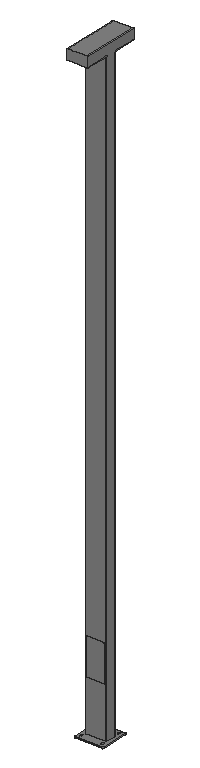
Revit family "Супремус В", category Осветительные приборы, Revit 2019 (continued)
Types (7, lengths in mm): name | Файл фотометрической сетки | built-in parameter 1150105 | Lumens | built-in parameter 1150106 | built-in parameter 1150142 | Wattage | L_общая рассеиватели | ADSK_Фактическая мощность | ADSK_Размер_Высота | ADSK_Номинальная мощность | ADSK_Наименование | ADSK_Масса_Текст | ADSK_Масса | ADSK_Артикул | 2
  ДТУ121с3 Светодиодный светильник Супремус-B ДТУ-121-AF-ДТУП1211(40Вт)-4,0 | "DTU-121-AF Supremus B 40W 60°x130°.ies" | 616.95 (stored number, unit not read) | 4400 lm | 6.1695 (stored number, unit not read) | "IESNA:LM-63-1995\r\n[TEST]\t\tALF\r\n[MANUFAC]\tALFRESCO\r\n[LUMCAT]\tDTU-121-AF\r\n[LUMINAIRE]\tDTU-121-AF Supremus B 40W 60°x130°\r\n[LAMP]\t\tOsram_Duris_S8\r\n[DATE]\t\t\r\n[OTHER]\t\t\r\nTILT=NONE\r\n1 3444.0 3.444 361 72 1 2 0.23 0.10 0.00\r\n1.0 1 28.0\r\n0.0 0.5 1.0 1.5 2.0 2.5 3.0 3.5 4.0 4.5 5.0 5.5 6.0 6.5 7.0 7.5 8.0 8.5 9.0 9.5 10.0 10.5 11.0 11.5 12.0 12.5 13.0 13.5 14.0 14.5\r\n 15.0 15.5 16.0 16.5 17.0 17.5 18.0 18.5 19.0 19.5 20.0 20.5 21.0 21.5 22.0 22.5 23.0 23.5 24.0 24.5 25.0 25.5 26.0 26.5 27.0 27.5\r\n 28.0 28.5 29.0 29.5 30.0 30.5 31.0 31.5 32.0 32.5 33.0 33.5 34.0 34.5 35.0 35.5 36.0 36.5 37.0 37.5 38.0 38.5 39.0 39.5 40.0 40.5\r\n 41.0 41.5 42.0 42.5 43.0 43.5 44.0 44.5 45.0 45.5 46.0 46.5 47.0 47.5 48.0 48.5 49.0 49.5 50.0 50.5 51.0 51.5 52.0 52.5 53.0 53.5\r\n 54.0 54.5 55.0 55.5 56.0 56.5 57.0 57.5 58.0 58.5 59.0 59.5 60.0 60.5 61.0 61.5 62.0 62.5 63.0 63.5 64.0 64.5 65.0 65.5 66.0 66.5\r\n 67.0 67.5 68.0 68.5 69.0 69.5 70.0 70.5 71.0 71.5 72.0 72.5 73.0 73.5 74.0 74.5 75.0 75.5 76.0 76.5 77.0 77.5 78.0 78.5 79.0 79.5\r\n 80.0 80.5 81.0 81.5 82.0 82.5 83.0 83.5 84.0 84.5 85.0 85.5 86.0 86.5 87.0 87.5 88.0 88.5 89.0 89.5 90.0 90.5 91.0 91.5 92.0 92.5\r\n 93.0 93.5 94.0 94.5 95.0 95.5 96.0 96.5 97.0 97.5 98.0 98.5 99.0 99.5 100.0 100.5 101.0 101.5 102.0 102.5 103.0 103.5 104.0 104.5\r\n 105.0 105.5 106.0 106.5 107.0 107.5 108.0 108.5 109.0 109.5 110.0 110.5 111.0 111.5 112.0 112.5 113.0 113.5 114.0 114.5 115.0\r\n 115.5 116.0 116.5 117.0 117.5 118.0 118.5 119.0 119.5 120.0 120.5 121.0 121.5 122.0 122.5 123.0 123.5 124.0 124.5 125.0 125.5\r\n 126.0 126.5 127.0 127.5 128.0 128.5 129.0 129.5 130.0 130.5 131.0 131.5 132.0 132.5 133.0 133.5 134.0 134.5 135.0 135.5 136.0\r\n 136.5 137.0 137.5 138.0 138.5 139.0 139.5 140.0 140.5 141.0 141.5 142.0 142.5 143.0 143.5 144.0 144.5 145.0 145.5 146.0 146.5\r\n 147.0 147.5 148.0 148.5 149.0 149.5 150.0 150.5 151.0 151.5 152.0 152.5 153.0 153.5 154.0 154.5 155.0 155.5 156.0 156.5 157.0\r\n 157.5 158.0 158.5 159.0 159.5 160.0 160.5 161.0 161.5 162.0 162.5 163.0 163.5 164.0 164.5 165.0 165.5 166.0 166.5 167.0 167.5\r\n 168.0 168.5 169.0 169.5 170.0 170.5 171.0 171.5 172.0 172.5 173.0 173.5 174.0 174.5 175.0 175.5 176.0 176.5 177.0 177.5 178.0\r\n 178.5 179.0 179.5 180.0\r\n0.0 5.0 10.0 15.0 20.0 25.0 30.0 35.0 40.0 45.0 50.0 55.0 60.0 65.0 70.0 75.0 80.0 85.0 90.0 95.0 100.0 105.0 110.0 115.0 120.0\r\n 125.0 130.0 135.0 140.0 145.0 150.0 155.0 160.0 165.0 170.0 175.0 180.0 185.0 190.0 195.0 200.0 205.0 210.0 215.0 220.0 225.0\r\n 230.0 235.0 240.0 245.0 250.0 255.0 260.0 265.0 270.0 275.0 280.0 285.0 290.0 295.0 300.0 305.0 310.0 315.0 320.0 325.0 330.0\r\n 335.0 340.0 345.0 350.0 355.0 360.0\r\n275.6 275.6 275.4 275.4 275.1 275.0 274.6 274.5 274.0 273.6 273.1 272.6 272.1 271.6 271.2 270.5 269.9 269.3 268.8 268.0 267.4\r\n 266.9 266.3 265.6 265.0 264.5 264.1 263.6 263.2 263.0 262.7 262.5 262.4 262.4 262.3 262.4 262.5 262.8 263.1 263.2 263.6 264.1\r\n 264.6 265.1 265.7 266.3 266.8 267.5 268.0 268.6 269.3 270.0 270.6 271.4 272.2 272.9 274.0 274.8 275.8 276.8 277.9 279.0 280.1\r\n 281.1 282.3 283.5 284.7 286.1 287.2 288.5 289.8 291.2 292.5 294.0 295.6 296.9 298.3 299.9 301.1 302.3 303.8 305.3 307.0 309.2\r\n 310.7 312.1 313.4 315.4 317.5 318.3 318.9 319.8 320.8 321.9 322.8 323.7 324.9 326.2 327.1 328.4 329.9 331.5 333.0 334.7 336.5\r\n 338.5 340.6 342.9 345.1 347.3 349.5 351.3 352.7 353.8 354.6 355.1 355.0 354.6 353.9 353.3 352.9 352.1 350.9 350.0 348.7 346.8\r\n 343.7 340.1 336.0 332.0 328.1 323.5 318.6 314.1 309.6 304.7 300.3 295.5 290.9 286.8 283.6 281.0 278.4 276.0 271.5 265.0 257.4\r\n 247.6 235.1 220.3 205.5 189.6 171.6 151.8 130.1 108.8 90.3 73.3 59.4 45.5 31.5 24.0 18.8 15.4 13.3 11.9 10.7 9.6 8.8 7.9 7.1 6.4\r\n 5.7 5.1 4.4 3.8 3.2 2.6 2.3 2.0 2.0 2.0 2.0 2.0 1.8 1.8 1.6 1.5 1.3 1.1 1.1 1.0 0.9 0.9 0.9 0.9 0.9 0.9 1.0 1.0 1.0 0.0 0.0 0.0\r\n 0.0 0.0 0.0 0.0 0.0 0.0 0.0 0.0 0.0 0.0 0.0 0.0 0.0 0.0 0.0 0.0 0.0 0.0 0.0 0.0 0.0 0.0 0.0 0.0 0.0 0.0 0.0 0.0 0.0 0.0 0.0 0.0\r\n 0.0 0.0 0.0 0.0 0.0 0.0 0.0 0.0 0.0 0.0 0.0 0.0 0.0 0.0 0.0 0.0 0.0 0.0 0.0 0.0 0.0 0.0 0.0 0.0 0.0 0.0 0.0 0.0 0.0 0.0 0.0 0.0\r\n 0.0 0.0 0.0 0.0 0.0 0.0 0.0 0.0 0.0 0.0 0.0 0.0 0.0 0.0 0.0 0.0 0.0 0.0 0.0 0.0 0.0 0.0 0.0 0.0 0.0 0.0 0.0 0.0 0.0 0.0 0.0 0.0\r\n 0.0 0.0 0.0 0.0 0.0 0.0 0.0 0.0 0.0 0.0 0.0 0.0 0.0 0.0 0.0 0.0 0.0 0.0 0.0 0.0 0.0 0.0 0.0 0.0 0.0 0.0 0.0 0.0 0.0 0.0 0.0 0.0\r\n 0.0 0.0 0.0 0.0 0.0 0.0 0.0 0.0 0.0 0.0 0.0 0.0 0.0 0.0 0.0 0.0 0.0 0.0 0.0 0.0 0.0 0.0 0.0 0.0 0.0 0.0 0.0 0.0 0.0\r\n275.6 275.8 276.0 276.1 276.0 276.0 276.0 275.8 275.6 275.4 275.2 275.0 274.6 274.4 274.0 273.7 273.1 272.7 272.5 272.2 271.6\r\n 271.3 270.9 270.4 270.1 269.8 269.6 269.5 269.4 269.3 269.3 269.3 269.5 269.6 269.9 270.2 270.3 270.5 271.1 271.7 272.2 272.8\r\n 273.5 274.2 274.8 275.5 276.2 276.9 277.6 278.4 279.1 279.8 280.4 281.3 282.1 283.0 284.0 284.8 285.9 287.0 288.1 289.3 290.2\r\n 291.4 292.5 294.0 295.3 296.4 297.8 299.2 300.5 301.9 303.5 305.3 306.9 308.6 310.5 312.2 314.0 316.1 318.2 320.4 322.7 325.4\r\n 327.9 330.2 332.3 335.0 337.3 338.6 339.9 341.3 342.8 344.4 345.3 346.3 347.8 349.5 351.3 353.4 355.6 358.0 360.0 362.1 364.4\r\n 366.6 368.9 371.0 373.3 375.5 377.8 379.6 381.5 382.8 383.9 384.9 385.4 385.3 385.1 385.1 384.7 384.1 382.7 381.0 378.8 376.3\r\n 373.0 368.5 363.7 358.7 353.8 348.2 342.3 336.7 330.6 324.5 319.0 314.1 310.2 306.7 304.3 302.4 300.6 298.2 293.4 286.7 277.8\r\n 266.5 251.9 234.3 216.2 198.9 180.1 159.7 138.7 117.6 96.5 78.5 62.9 47.8 36.5 28.1 21.8 17.8 15.1 13.2 11.7 10.5 9.5 8.6 7.6 6.8\r\n 6.1 5.5 4.9 4.5 4.0 3.5 3.0 2.5 2.3 2.2 2.0 1.9 1.7 1.6 1.5 1.4 1.2 1.0 1.0 0.9 0.8 0.8 0.8 0.9 0.9 0.9 0.9 0.9 1.0 0.0 0.0 0.0\r\n 0.0 0.0 0.0 0.0 0.0 0.0 0.0 0.0 0.0 0.0 0.0 0.0 0.0 0.0 0.0 0.0 0.0 0.0 0.0 0.0 0.0 0.0 0.0 0.0 0.0 0.0 0.0 0.0 0.0 0.0 0.0 0.0\r\n 0.0 0.0 0.0 0.0 0.0 0.0 0.0 0.0 0.0 0.0 0.0 0.0 0.0 0.0 0.0 0.0 0.0 0.0 0.0 0.0 0.0 0.0 0.0 0.0 0.0 0.0 0.0 0.0 0.0 0.0 0.0 0.0\r\n 0.0 0.0 0.0 0.0 0.0 0.0 0.0 0.0 0.0 0.0 0.0 0.0 0.0 0.0 0.0 0.0 0.0 0.0 0.0 0.0 0.0 0.0 0.0 0.0 0.0 0.0 0.0 0.0 0.0 0.0 0.0 0.0\r\n 0.0 0.0 0.0 0.0 0.0 0.0 0.0 0.0 0.0 0.0 0.0 0.0 0.0 0.0 0.0 0.0 0.0 0.0 0.0 0.0 0.0 0.0 0.0 0.0 0.0 0.0 0.0 0.0 0.0 0.0 0.0 0.0\r\n 0.0 0.0 0.0 0.0 0.0 0.0 0.0 0.0 0.0 0.0 0.0 0.0 0.0 0.0 0.0 0.0 0.0 0.0 0.0 0.0 0.0 0.0 0.0 0.0 0.0 0.0 0.0 0.0 0.0\r\n275.6 276.1 276.5 276.7 276.9 277.1 277.2 277.4 277.5 277.4 277.4 277.4 277.3 277.2 277.0 277.0 276.8 276.7 276.7 276.6 276.4\r\n 276.2 276.1 276.0 275.9 276.0 276.1 276.2 276.4 276.6 276.9 277.2 277.6 278.0 278.5 278.7 279.2 279.7 280.4 281.3 281.9 282.7\r\n 283.7 284.4 285.3 286.3 287.0 288.1 289.0 289.8 290.7 291.6 292.4 293.5 294.4 295.4 296.4 297.5 298.5 299.6 300.8 301.9 303.1\r\n 304.1 305.5 306.8 308.2 309.5 311.0 312.6 314.2 315.9 317.7 319.5 321.7 323.9 326.0 328.4 330.6 333.0 335.8 338.6 341.5 344.9\r\n 348.0 350.8 353.8 357.6 359.8 361.7 363.6 365.7 367.6 369.1 370.7 372.2 373.9 375.9 378.3 380.3 382.6 384.7 386.8 388.8 390.9\r\n 393.4 395.9 398.6 401.8 405.1 408.0 410.1 412.3 414.2 415.4 416.7 418.1 418.9 418.6 418.2 417.3 415.9 413.1 409.5 405.5 400.6\r\n 395.6 389.1 381.5 374.1 367.2 360.6 353.6 346.5 339.9 332.8 326.5 321.5 317.8 315.1 313.2 311.4 309.6 307.5 303.5 296.2 286.7\r\n 274.5 259.0 241.1 222.7 204.6 186.2 166.7 146.6 124.5 102.4 83.0 66.8 54.4 42.0 34.0 27.7 23.0 19.7 17.4 15.4 13.7 12.2 10.8 9.5\r\n 8.4 7.5 6.7 6.0 5.4 4.7 4.0 3.2 2.8 2.7 2.5 2.3 2.2 1.9 1.7 1.4 1.3 1.1 1.0 0.9 0.9 0.8 0.8 0.8 0.8 0.8 0.8 0.9 0.9 0.9 0.0 0.0\r\n 0.0 0.0 0.0 0.0 0.0 0.0 0.0 0.0 0.0 0.0 0.0 0.0 0.0 0.0 0.0 0.0 0.0 0.0 0.0 0.0 0.0 0.0 0.0 0.0 0.0 0.0 0.0 0.0 0.0 0.0 0.0 0.0\r\n 0.0 0.0 0.0 0.0 0.0 0.0 0.0 0.0 0.0 0.0 0.0 0.0 0.0 0.0 0.0 0.0 0.0 0.0 0.0 0.0 0.0 0.0 0.0 0.0 0.0 0.0 0.0 0.0 0.0 0.0 0.0 0.0\r\n 0.0 0.0 0.0 0.0 0.0 0.0 0.0 0.0 0.0 0.0 0.0 0.0 0.0 0.0 0.0 0.0 0.0 0.0 0.0 0.0 0.0 0.0 0.0 0.0 0.0 0.0 0.0 0.0 0.0 0.0 0.0 0.0\r\n 0.0 0.0 0.0 0.0 0.0 0.0 0.0 0.0 0.0 0.0 0.0 0.0 0.0 0.0 0.0 0.0 0.0 0.0 0.0 0.0 0.0 0.0 0.0 0.0 0.0 0.0 0.0 0.0 0.0 0.0 0.0 0.0\r\n 0.0 0.0 0.0 0.0 0.0 0.0 0.0 0.0 0.0 0.0 0.0 0.0 0.0 0.0 0.0 0.0 0.0 0.0 0.0 0.0 0.0 0.0 0.0 0.0 0.0 0.0 0.0 0.0 0.0 0.0\r\n275.6 276.3 276.8 277.3 277.7 278.4 278.7 279.0 279.3 279.6 279.8 280.0 280.2 280.4 280.6 280.6 280.9 281.1 281.3 281.5 281.7\r\n 281.7 282.0 282.2 282.4 282.8 283.3 283.5 284.0 284.6 285.2 285.8 286.4 287.0 287.5 288.1 288.9 289.7 290.6 291.5 292.4 293.5\r\n 294.5 295.7 296.8 298.0 299.1 300.1 301.3 302.4 303.6 304.8 306.0 306.9 308.0 309.1 310.2 311.3 312.6 313.7 314.9 315.9 317.0\r\n 318.3 319.5 320.8 322.5 324.0 325.7 327.5 329.4 331.3 333.5 335.8 338.3 341.0 343.7 346.8 349.9 352.9 356.0 359.2 362.4 365.5\r\n 369.0 372.3 375.2 379.1 381.7 383.3 385.5 387.7 389.9 392.0 394.2 396.4 399.0 402.0 404.7 407.5 410.5 413.1 415.5 418.2 420.7\r\n 423.2 425.5 427.8 430.1 433.0 435.6 437.9 439.5 441.0 442.1 442.9 443.2 443.5 443.3 442.0 439.9 436.6 432.7 427.8 422.8 416.7\r\n 409.6 401.5 392.6 382.9 372.3 362.7 353.2 344.9 336.4 327.6 319.6 313.1 308.1 304.8 301.6 298.0 295.3 293.3 290.2 285.5 278.1\r\n 268.9 257.0 241.8 225.0 207.5 190.2 174.2 157.5 137.7 117.8 98.0 80.6 66.7 54.7 44.5 36.9 30.9 26.3 23.0 20.5 18.1 16.0 14.2 12.7\r\n 11.3 10.1 8.9 7.9 6.8 5.8 5.0 4.4 3.7 3.2 2.8 2.6 2.3 2.0 1.8 1.6 1.3 1.1 0.9 0.9 0.8 0.7 0.7 0.7 0.7 0.8 0.8 0.8 0.8 0.8 0.0 0.0\r\n 0.0 0.0 0.0 0.0 0.0 0.0 0.0 0.0 0.0 0.0 0.0 0.0 0.0 0.0 0.0 0.0 0.0 0.0 0.0 0.0 0.0 0.0 0.0 0.0 0.0 0.0 0.0 0.0 0.0 0.0 0.0 0.0\r\n 0.0 0.0 0.0 0.0 0.0 0.0 0.0 0.0 0.0 0.0 0.0 0.0 0.0 0.0 0.0 0.0 0.0 0.0 0.0 0.0 0.0 0.0 0.0 0.0 0.0 0.0 0.0 0.0 0.0 0.0 0.0 0.0\r\n 0.0 0.0 0.0 0.0 0.0 0.0 0.0 0.0 0.0 0.0 0.0 0.0 0.0 0.0 0.0 0.0 0.0 0.0 0.0 0.0 0.0 0.0 0.0 0.0 0.0 0.0 0.0 0.0 0.0 0.0 0.0 0.0\r\n 0.0 0.0 0.0 0.0 0.0 0.0 0.0 0.0 0.0 0.0 0.0 0.0 0.0 0.0 0.0 0.0 0.0 0.0 0.0 0.0 0.0 0.0 0.0 0.0 0.0 0.0 0.0 0.0 0.0 0.0 0.0 0.0\r\n 0.0 0.0 0.0 0.0 0.0 0.0 0.0 0.0 0.0 0.0 0.0 0.0 0.0 0.0 0.0 0.0 0.0 0.0 0.0 0.0 0.0 0.0 0.0 0.0 0.0 0.0 0.0 0.0 0.0 0.0\r\n275.6 276.5 277.1 277.9 278.7 279.3 279.9 280.5 281.1 281.6 282.1 282.5 283.0 283.5 283.9 284.5 285.0 285.7 286.2 286.8 287.3\r\n 287.7 288.4 289.0 289.4 290.0 290.8 291.5 292.2 293.1 293.9 294.5 295.1 295.9 296.6 297.3 298.2 299.0 299.9 301.0 302.0 303.2\r\n 304.4 305.8 306.9 308.4 309.5 310.9 312.5 313.6 314.9 316.1 317.3 318.2 319.1 320.2 321.2 322.3 323.2 324.2 325.2 326.4 327.8\r\n 328.8 330.2 331.6 333.3 335.0 336.9 338.8 341.0 343.3 345.6 348.3 351.3 354.7 358.0 361.5 364.6 367.8 370.9 374.4 377.8 381.6\r\n 385.5 389.2 392.6 396.5 399.8 401.8 404.5 407.2 409.6 411.9 414.3 417.0 419.9 422.6 425.3 428.1 431.1 434.1 437.0 440.0 443.1\r\n 446.3 449.4 452.9 455.6 458.1 460.2 462.0 463.3 463.7 463.4 462.6 461.1 458.9 456.5 453.6 449.6 444.6 438.6 432.3 425.5 418.1\r\n 409.8 400.5 391.0 379.6 368.1 355.7 343.7 332.8 322.6 313.7 304.8 296.6 289.6 284.2 280.3 277.1 274.0 270.8 267.2 263.5 258.3\r\n 251.5 241.9 230.0 216.6 201.9 186.4 171.2 157.1 142.6 126.2 108.2 90.7 76.1 64.7 54.8 45.0 38.2 32.8 28.6 25.1 22.3 19.7 17.3\r\n 15.4 13.6 11.9 10.4 9.1 7.8 6.8 5.7 4.7 4.1 3.6 3.2 2.9 2.7 2.3 2.0 1.7 1.5 1.3 1.2 0.9 0.8 0.7 0.7 0.7 0.7 0.7 0.7 0.7 0.7 0.7\r\n 0.0 0.0 0.0 0.0 0.0 0.0 0.0 0.0 0.0 0.0 0.0 0.0 0.0 0.0 0.0 0.0 0.0 0.0 0.0 0.0 0.0 0.0 0.0 0.0 0.0 0.0 0.0 0.0 0.0 0.0 0.0 0.0\r\n 0.0 0.0 0.0 0.0 0.0 0.0 0.0 0.0 0.0 0.0 0.0 0.0 0.0 0.0 0.0 0.0 0.0 0.0 0.0 0.0 0.0 0.0 0.0 0.0 0.0 0.0 0.0 0.0 0.0 0.0 0.0 0.0\r\n 0.0 0.0 0.0 0.0 0.0 0.0 0.0 0.0 0.0 0.0 0.0 0.0 0.0 0.0 0.0 0.0 0.0 0.0 0.0 0.0 0.0 0.0 0.0 0.0 0.0 0.0 0.0 0.0 0.0 0.0 0.0 0.0\r\n 0.0 0.0 0.0 0.0 0.0 0.0 0.0 0.0 0.0 0.0 0.0 0.0 0.0 0.0 0.0 0.0 0.0 0.0 0.0 0.0 0.0 0.0 0.0 0.0 0.0 0.0 0.0 0.0 0.0 0.0 0.0 0.0\r\n 0.0 0.0 0.0 0.0 0.0 0.0 0.0 0.0 0.0 0.0 0.0 0.0 0.0 0.0 0.0 0.0 0.0 0.0 0.0 0.0 0.0 0.0 0.0 0.0 0.0 0.0 0.0 0.0 0.0 0.0 0.0 0.0\r\n275.6 276.8 277.7 278.6 279.6 280.4 281.3 282.3 283.0 283.9 284.7 285.5 286.3 287.1 288.0 288.9 289.8 290.8 291.8 292.5 293.3\r\n 294.1 294.9 295.9 296.6 297.5 298.2 299.1 299.9 300.9 301.7 302.5 303.2 304.0 304.8 305.6 306.5 307.3 308.3 309.4 310.5 311.6\r\n 313.1 314.2 315.5 316.7 318.1 319.2 320.7 321.9 323.1 324.3 325.3 326.3 327.4 328.3 329.1 330.1 330.9 332.0 333.0 334.1 335.5\r\n 336.7 338.1 339.5 341.2 342.8 344.8 347.1 349.4 351.9 354.6 357.6 360.8 364.0 367.0 370.3 373.8 377.5 381.5 385.2 388.9 392.5\r\n 396.3 399.9 403.7 407.6 411.2 414.3 417.3 420.5 423.1 425.7 428.1 430.6 433.8 436.9 440.2 443.8 447.1 450.6 454.2 457.3 460.4\r\n 463.4 465.7 468.6 471.4 474.0 476.3 477.9 479.0 479.3 477.8 474.9 471.3 466.5 461.7 456.5 450.4 444.2 438.4 431.7 423.9 415.8\r\n 407.8 398.9 388.6 377.5 366.1 354.0 342.0 330.3 318.1 306.5 295.8 285.8 276.5 267.0 258.7 251.0 244.9 239.2 233.6 228.2 222.4\r\n 215.5 207.3 198.4 188.9 178.9 169.1 159.2 148.6 135.9 123.3 110.6 96.7 82.9 71.7 62.1 53.2 45.6 39.2 34.1 30.0 26.5 23.4 20.8\r\n 18.3 15.7 13.8 12.1 10.7 9.4 8.0 7.0 6.2 5.1 4.2 3.5 3.2 3.0 2.6 2.2 2.0 1.8 1.6 1.4 1.2 1.1 0.9 0.7 0.6 0.6 0.6 0.6 0.6 0.7 0.7\r\n 0.0 0.0 0.0 0.0 0.0 0.0 0.0 0.0 0.0 0.0 0.0 0.0 0.0 0.0 0.0 0.0 0.0 0.0 0.0 0.0 0.0 0.0 0.0 0.0 0.0 0.0 0.0 0.0 0.0 0.0 0.0 0.0\r\n 0.0 0.0 0.0 0.0 0.0 0.0 0.0 0.0 0.0 0.0 0.0 0.0 0.0 0.0 0.0 0.0 0.0 0.0 0.0 0.0 0.0 0.0 0.0 0.0 0.0 0.0 0.0 0.0 0.0 0.0 0.0 0.0\r\n 0.0 0.0 0.0 0.0 0.0 0.0 0.0 0.0 0.0 0.0 0.0 0.0 0.0 0.0 0.0 0.0 0.0 0.0 0.0 0.0 0.0 0.0 0.0 0.0 0.0 0.0 0.0 0.0 0.0 0.0 0.0 0.0\r\n 0.0 0.0 0.0 0.0 0.0 0.0 0.0 0.0 0.0 0.0 0.0 0.0 0.0 0.0 0.0 0.0 0.0 0.0 0.0 0.0 0.0 0.0 0.0 0.0 0.0 0.0 0.0 0.0 0.0 0.0 0.0 0.0\r\n 0.0 0.0 0.0 0.0 0.0 0.0 0.0 0.0 0.0 0.0 0.0 0.0 0.0 0.0 0.0 0.0 0.0 0.0 0.0 0.0 0.0 0.0 0.0 0.0 0.0 0.0 0.0 0.0 0.0 0.0 0.0 0.0\r\n275.6 276.9 278.1 279.3 280.4 281.6 282.6 283.9 285.1 286.2 287.2 288.6 289.6 290.9 292.1 293.5 294.5 295.9 297.0 298.0 298.9\r\n 300.1 301.1 302.1 303.0 303.8 304.7 305.8 306.9 307.7 308.6 309.4 310.2 311.1 311.7 312.4 313.3 314.1 315.2 316.3 317.5 318.7\r\n 320.0 321.4 322.9 324.0 325.4 326.6 327.8 328.8 329.8 330.7 331.5 332.4 333.2 334.0 335.0 335.6 336.4 337.7 338.3 339.4 340.6\r\n 341.8 343.0 344.5 345.9 347.8 349.7 352.1 354.5 357.1 360.0 363.2 366.4 369.5 372.7 375.8 379.2 382.5 386.2 389.8 392.9 396.3\r\n 399.6 403.4 407.6 412.4 416.8 420.7 424.4 428.7 432.0 434.6 437.4 440.2 443.4 447.0 451.0 454.6 458.2 461.2 464.1 467.4 470.9\r\n 474.5 477.9 480.3 482.1 482.9 482.6 481.5 480.4 479.0 476.8 473.5 469.4 464.3 458.9 453.1 447.3 440.2 432.1 424.6 416.8 408.5\r\n 399.1 389.3 379.7 369.3 358.1 346.1 333.5 321.0 308.5 295.5 282.5 270.1 257.5 244.9 232.9 221.4 209.8 198.6 188.4 180.3 172.3\r\n 164.8 157.7 151.2 144.3 136.7 128.2 119.8 111.6 103.1 94.0 84.8 75.9 67.6 60.5 53.6 47.1 41.0 35.9 31.7 28.0 24.8 21.9 19.5 17.1\r\n 14.9 13.0 11.4 10.0 8.6 7.6 6.8 6.1 5.2 4.5 4.1 3.8 3.5 3.1 2.7 2.4 2.1 2.0 1.7 1.5 1.2 1.0 0.9 0.8 0.7 0.6 0.5 0.4 0.3 0.1 0.0\r\n 0.0 0.0 0.0 0.0 0.0 0.0 0.0 0.0 0.0 0.0 0.0 0.0 0.0 0.0 0.0 0.0 0.0 0.0 0.0 0.0 0.0 0.0 0.0 0.0 0.0 0.0 0.0 0.0 0.0 0.0 0.0 0.0\r\n 0.0 0.0 0.0 0.0 0.0 0.0 0.0 0.0 0.0 0.0 0.0 0.0 0.0 0.0 0.0 0.0 0.0 0.0 0.0 0.0 0.0 0.0 0.0 0.0 0.0 0.0 0.0 0.0 0.0 0.0 0.0 0.0\r\n 0.0 0.0 0.0 0.0 0.0 0.0 0.0 0.0 0.0 0.0 0.0 0.0 0.0 0.0 0.0 0.0 0.0 0.0 0.0 0.0 0.0 0.0 0.0 0.0 0.0 0.0 0.0 0.0 0.0 0.0 0.0 0.0\r\n 0.0 0.0 0.0 0.0 0.0 0.0 0.0 0.0 0.0 0.0 0.0 0.0 0.0 0.0 0.0 0.0 0.0 0.0 0.0 0.0 0.0 0.0 0.0 0.0 0.0 0.0 0.0 0.0 0.0 0.0 0.0 0.0\r\n 0.0 0.0 0.0 0.0 0.0 0.0 0.0 0.0 0.0 0.0 0.0 0.0 0.0 0.0 0.0 0.0 0.0 0.0 0.0 0.0 0.0 0.0 0.0 0.0 0.0 0.0 0.0 0.0 0.0 0.0 0.0\r\n275.6 277.0 278.4 279.8 281.3 282.5 284.0 285.3 286.9 288.4 289.8 291.3 293.1 294.4 296.1 297.6 299.3 300.6 301.8 303.1 304.3\r\n 305.4 306.5 307.7 308.6 309.5 310.5 311.6 312.7 313.5 314.2 315.0 316.1 317.0 318.0 319.1 320.3 321.4 322.7 323.3 324.3 325.4\r\n 326.1 327.0 327.9 328.9 330.0 330.9 332.0 332.9 333.5 334.5 335.4 335.9 336.5 337.4 338.2 339
